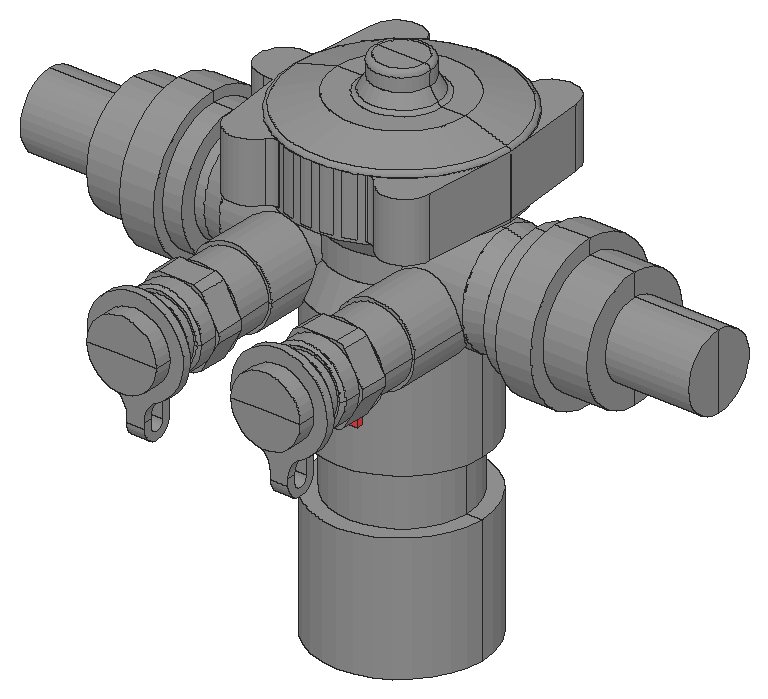
Revit family "Pressure independent control valve 4006_M_SMART_LF_MF", category Rohrzubehör, Revit 2018
Family settings
  Bemaßung runder Anschluss = Durchmesser verwenden
  Teiletyp = Unterbricht
  OmniClass-Nummer = 23.65.55.14
  OmniClass-Titel = Valves for Liquid Services
  Arbeitsebenenbasiert = Nein
  Immer vertikal = Ja
  Beim Laden mit Abzugskörper schneiden = Nein
  Gemeinsam genutzt = Nein
Parameters (values of type "MF")
  min. Operating temperature (frost protection) = -20 °C  # constant formula
  min. Operating temperature (pure water) = 2 °C  # constant formula
  max. Operating temperature up to DN32 = 130 °C  # constant formula
  max. Operating pressure = 1600000.0 Pa  # constant formula
  max. Operating temperature from DN40 = 110 °C  # constant formula
  S09 = 10.000 mm
  S08 = 30.000 mm
  Medium = "water purity in accordance with the ÖNORM H5195 and VDI 2035 standards\r\nthe use of ethylene and propylene glycol in a mixture ratio of 25 - 50% by volume [%] is permitted."
  VRL01 = 30.000 mm  # constant formula
  V12 = 17.000 mm  # constant formula
  V10 = 7.000 mm  # constant formula
  V09 [instance] = L06 + 4.000 mm  # 11.000 mm
  V04 [instance] = V08 + 3.000 mm  # 13.000 mm
  V03 [instance] = V08 + 5.000 mm  # 15.000 mm
  V02 [instance] = V01 + 4.500 mm  # 12.000 mm
  V01 [instance] = Nennweite / 2  # 7.500 mm
  URL = "http://www.herzvalves.com/"
  Pin = "stainless steel 14301"  # constant formula
  SCRNSEQ = "ARM;ARM_TYP=\"DURR\";2"
  SCRNCODE = "05;04;02"  # constant formula
  S07 [instance] = H03 + 3.700 mm  # 10.051 mm
  S04 [instance] = V03 * 2  # 30.000 mm
  S01 [instance] = L01 + L02 + VRL01 * 2  # 135.000 mm
  R17 [instance] = size_lookup("4006M_S_LF_MF", "R17", 12.500 mm, Nennweite)  # 12.500 mm
  R16 [instance] = size_lookup("4006M_S_LF_MF", "R16", 16.500 mm, Nennweite)  # 16.500 mm
  R15 = 7.225 mm  # constant formula
  R14 = 8.070 mm  # constant formula
  R13 = 3.496 mm  # constant formula
  R12 = 6.800 mm  # constant formula
  R11 = 9.620 mm  # constant formula
  R10 = 6.800 mm  # constant formula
  R09 = 16.292 mm  # constant formula
  R08 = 13.212 mm  # constant formula
  R07 = 18.816 mm  # constant formula
  R06 = 22.000 mm  # constant formula
  R05 = 12.954 mm  # constant formula
  R04 = 7.193 mm  # constant formula
  R03 = 5.755 mm  # constant formula
  R02 = 4.670 mm  # constant formula
  R01 [instance] = size_lookup("4006M_S_LF_MF", "R01", 11.000 mm, Nennweite)  # 11.000 mm
  PN = 16  # constant formula
  O-Rings = "EPDM"  # constant formula
  V08 [instance] = size_lookup("4006M_S_LF_MF", "N2", 10.000 mm, Nennweite)  # 10.000 mm
  Nennweite/2 [instance] = size_lookup("4006M_S_LF_MF", "N1", 8.000 mm, Nennweite)  # 9.000 mm
  Nennweite [instance] = 15.000 mm
  Membrane housing = "brass CW602N"  # constant formula
  Membrane = "EPDM"  # constant formula
  MF [instance] = yes
  Lift = 4.000 mm  # constant formula
  LF [instance] = no
  L15 [instance] = size_lookup("4006M_S_LF_MF", "L15", 3.300 mm, Nennweite)  # 3.300 mm
  L14 [instance] = size_lookup("4006M_S_LF_MF", "L14", 43.477 mm, Nennweite)  # 43.477 mm
  L13 [instance] = size_lookup("4006M_S_LF_MF", "L13", 32.232 mm, Nennweite)  # 32.232 mm
  L12 [instance] = size_lookup("4006M_S_LF_MF", "L12", 6.497 mm, Nennweite)  # 6.497 mm
  L11 [instance] = size_lookup("4006M_S_LF_MF", "L11", 5.418 mm, Nennweite)  # 5.418 mm
  L10 [instance] = size_lookup("4006M_S_LF_MF", "L10", 12.434 mm, Nennweite)  # 12.434 mm
  L09 [instance] = size_lookup("4006M_S_LF_MF", "L09", 24.943 mm, Nennweite)  # 24.943 mm
  L08 [instance] = size_lookup("4006M_S_LF_MF", "L08", 28.260 mm, Nennweite)  # 28.260 mm
  L07 [instance] = size_lookup("4006M_S_LF_MF", "L07", 33.915 mm, Nennweite)  # 33.915 mm
  L06 = 7.000 mm  # constant formula
  L05 = 9.000 mm  # constant formula
  L04 = 21.000 mm  # constant formula
  L03 = 28.000 mm  # constant formula
  L02 = 34.000 mm  # constant formula
  L01 = 41.000 mm  # constant formula
  Capillary pipe = "copper Cu-DHP (CW024A)"  # constant formula
  Hersteller = "Herz-Armaturen GmbH"  # constant formula
  H04 = 12.000 mm  # constant formula
  H03 = 6.351 mm  # constant formula
  H02 [instance] = size_lookup("4006M_S_LF_MF", "H2", 69.000 mm, Nennweite)  # 69.000 mm
  H01 [instance] = size_lookup("4006M_S_LF_MF", "H1", 35.000 mm, Nennweite)  # 35.000 mm
  H [instance] = 112.553 mm  # constant formula
  Housing = "DZR brass CC770S"  # constant formula
  E20 = 108.221 mm  # constant formula
  E19 = 5.000 mm  # constant formula
  E18 = 5.150 mm  # constant formula
  E17 = 28.850 mm  # constant formula
  E16 = 23.700 mm  # constant formula
  E15 = 21.877 mm  # constant formula
  E14 = 20.506 mm  # constant formula
  E13 = 11.063 mm  # constant formula
  E12 = 9.001 mm  # constant formula
  E11 = 10.700 mm  # constant formula
  E10 = 20.427 mm  # constant formula
  E09 = 20.075 mm  # constant formula
  E08 = 20.825 mm  # constant formula
  E07 = 5.150 mm  # constant formula
  E06 = 17.921 mm  # constant formula
  E05 = 20.519 mm  # constant formula
  E04 = 19.704 mm  # constant formula
  E03 = 18.385 mm  # constant formula
  E02 = 20.014 mm  # constant formula
  E01 = 23.000 mm  # constant formula
  Spring = "spring steel"  # constant formula
  Bestellnummer Verschraubung [instance] = if(and(LF, Nennweite = 15.000 mm), 1621011, if(and(MF, Nennweite = 15.000 mm), 1621002, 0))  # 1621002
  Bestellnummer [instance] = if(and(LF, Nennweite = 15.000 mm), 1400620, if(and(MF, Nennweite = 15.000 mm), 1400629, 0))  # 1400629
  Protective cap = "plastic"  # constant formula
  B09 = 7.998 mm  # constant formula
  B08 = 23.556 mm  # constant formula
  B07 = 30.908 mm  # constant formula
  B06 = 39.471 mm  # constant formula
  B05 = 40.933 mm  # constant formula
  B04 = 41.901 mm  # constant formula
  B03 = 44.372 mm  # constant formula
  B02 = 45.400 mm  # constant formula
  B01 = 50.000 mm  # constant formula
  Application = "the Pressure Independent Balancing Control Valve (PIBCV) is used in all heating and cooling systems with circulation pumps.\r\nthe valve automatically maintains flow to the required part of the system at the set rate by measuring and immediately adjusting to any variation in pressure.\r\nno additional measurements are necessary and the correct flow rate is achieved at all operating conditions.\r\nthe diaphragm responds to the pressure upstream and downstream of the regulating valve (via an internal impulse line).\r\nthe valve settings directly affect the volumetric flow through the valve.\r\nit is thus possible to set the maximum flow rate based on the flow chart when the valve is fitted.\r\nthis allows for the balancing of heating circuits, cooling water systems, ceiling cooling and heating panels, air heaters, etc. without any need to first assess the pressure variations in the system.\r\nthe valve‘s principal application is as a control valve for terminal units."
Types (3, lengths in mm): name | MF | LF | Bestellnummer Verschraubung | Bestellnummer
  (no name) | yes | no | 1621002 | 1400629
  LF | no | yes | 1621011 | 1400620
  MF | yes | no | 1621002 | 1400629
Reference planes
  plane 1 "Mitte (Vorne/hinten)": y = 0
  plane 2: z = 0
  plane 3 "Mitte (Links/rechts)": x = 0
Forms (mm)
  Revolve 1, solid, material "Messing, weicher Gelbton, geschweißt", detail levels fine
    sketch origin (0, 0, 0) x (1, 0, 0) y (0, 0, 1)
      loop
        line (-41, 9) -> (-34, 9) -> (-34, 0) -> (27, 0) -> (27, 9) -> (34, 9) -> (34, 10) -> (25, 10) -> (21, 11) -> (-28, 11) -> (-32, 10) -> (-41, 10) -> (-41, 9)
      axis (-41, 0) -> (34, 0)
    angle from 0 to 360
  Revolve 2, solid, material "Messing, weicher Gelbton, geschweißt", detail levels fine
    sketch origin (0, 0, 0) x (1, 0, 0) y (0, 0, 1)
      loop
        line (0, -69) -> (16.292, -69) -> (16.292, -43.477) -> (13.212, -43.477) -> (13.212, -32.232) -> (16.292, -32.232) -> (16.292, -6.497) -> (13.212, 0.106) -> (13.212, 5.418) -> (18.816, 12.434) -> (22, 12.434) -> (22, 24.943)
        arc (22, 24.943) -> (21.752, 25.523) -> (21.223, 25.866) r 1.085
        line (21.223, 25.866) -> (12.954, 28.26) -> (8.134, 28.26)
        arc (8.134, 28.26) -> (7.591, 28.406) -> (7.193, 28.803) r 1.086
        line (7.193, 28.803) -> (5.755, 31.294) -> (5.755, 33.915)
        arc (5.755, 33.915) -> (5.437, 34.682) -> (4.67, 35) r 1.085
        line (4.67, 35) -> (0, 35) -> (0, -69)
      axis (0, 35) -> (0, -69)
    angle from 0 to 360
  Extrusion 3, solid, material "Messing, weicher Gelbton, geschweißt", detail levels fine
    sketch origin (0, 0, 28.917) x (1, 0, 0) y (0, 1, 0)
      loop
        arc (-20.506, 17.921) -> (-21.381, 11.556) -> (-21.877, 5.15) r 108.259
        line (-21.877, 5.15) -> (-23.7, 5.15)
        arc (-23.7, 5.15) -> (-27.342, 3.642) -> (-28.85, 0) r 5.15
        arc (-28.85, 0) -> (-27.342, -3.642) -> (-23.7, -5.15) r 5.15
        line (-23.7, -5.15) -> (-21.877, -5.15)
        arc (-21.877, -5.15) -> (-21.356, -11.79) -> (-20.427, -18.385) r 108.259
        arc (-20.427, -18.385) -> (-16.688, -23.223) -> (-11.063, -20.825) r 5
        arc (-11.063, -20.825) -> (-10.143, -20.146) -> (-9.001, -20.075) r 2.019
        arc (-9.001, -20.075) -> (0, -22.001) -> (9.001, -20.075) r 22.001
        arc (9.001, -20.075) -> (10.143, -20.145) -> (11.063, -20.825) r 2.019
        arc (11.063, -20.825) -> (16.688, -23.223) -> (20.427, -18.385) r 5
        arc (20.427, -18.385) -> (22, 0) -> (20.427, 18.385) r 108.221
        arc (20.427, 18.385) -> (16.253, 23.316) -> (10.7, 20.014) r 5
        arc (10.7, 20.014) -> (9.88, 19.699) -> (9.001, 19.704) r 2.379
        arc (9.001, 19.704) -> (0, 21.663) -> (-9.001, 19.704) r 21.663
        arc (-9.001, 19.704) -> (-10.161, 19.785) -> (-11.063, 20.519) r 1.927
        arc (-11.063, 20.519) -> (-16.774, 22.818) -> (-20.506, 17.921) r 5.079
    from -15.973 to -3.973
  Revolve 4, solid, material "Messing, weicher Gelbton, geschweißt", detail levels fine
    sketch origin (0, 0, -3.3) x (1, 0, 0) y (0, 1, 0)
      loop
        line (-24.57, -7.998) -> (-24.57, -22.322) -> (-16.5, -22.322) -> (-16.5, -7.998) -> (-24.57, -7.998)
      axis (-16.5, -7.998) -> (-16.5, -22.322)
    angle from 0 to 360
  Revolve 5, solid, material "Messing, weicher Gelbton, geschweißt", detail levels fine
    sketch origin (-4, 0, -3.3) x (-1, 0, 0) y (0, -1, 0)
      loop
        line (-24.57, 7.998) -> (-16.5, 7.998) -> (-16.5, 22.322) -> (-24.57, 22.322) -> (-24.57, 7.998)
      axis (-16.5, 22.322) -> (-16.5, 7.998)
    angle from 0 to 360
  Revolve 6, solid, material "Messing, weicher Gelbton, geschweißt"
    sketch origin (0, 0, 0) x (1, 0, 0) y (0, 0, 1)
      loop
        line (34, 0) -> (64, 0) -> (64, 7.5) -> (47, 7.5) -> (47, 12) -> (38, 12) -> (38, 15) -> (31, 15) -> (31, 13) -> (27, 13) -> (27, 10) -> (34, 10) -> (34, 0)
      axis (27, 0) -> (64, 0)
    angle from 0 to 360
  Revolve 7, solid, material "Messing, weicher Gelbton, geschweißt", detail levels fine
    sketch origin (-7, 0, 0) x (-1, 0, 0) y (0, 0, -1)
      loop
        line (34, 0) -> (34, -10) -> (27, -10) -> (27, -13) -> (31, -13) -> (31, -15) -> (38, -15) -> (38, -12) -> (47, -12) -> (47, -7.5) -> (64, -7.5) -> (64, 0) -> (34, 0)
      axis (27, 0) -> (64, 0)
    angle from 0 to 360
Lines and regions (mm)
  model lines, detail levels coarse+medium
    curve 1: line (67.5, -15, 0) -> (67.5, 15, 0)
    curve 2: line (67.5, 15, 0) -> (-67.5, -15, 0)
    curve 3: line (-67.5, -15, 0) -> (-67.5, 15, 0)
    curve 4: line (-67.5, 15, 0) -> (67.5, -15, 0)
    curve 5: line (-67.5, 14.673, 0) -> (0, -12.434, 0)
    curve 6: line (0, -12.434, 0) -> (67.5, 14.673, 0)
    curve 7: line (0, -12.434, 0) -> (0, -24.949, 0)
    curve 8: spline (-22, -29.974, 0) -> (-21.25, -28.674, 0) -> (-19.053, -27.462, 0) -> (-15.556, -26.421, 0) -> (-11, -25.622, 0) -> (-5.694, -25.12, 0) -> (0, -24.949, 0) -> (5.694, -25.12, 0) -> (11, -25.622, 0) -> (15.556, -26.421, 0) -> (19.053, -27.462, 0) -> (21.25, -28.674, 0) -> (22, -29.975, 0) -> (21.25, -31.275, 0) -> (19.053, -32.487, 0) -> (15.556, -33.528, 0) -> (11, -34.327, 0) -> (5.694, -34.829, 0) -> (0, -35, 0) -> (-5.694, -34.829, 0) -> (-11, -34.327, 0) -> (-15.556, -33.528, 0) -> (-19.053, -32.487, 0) -> (-21.25, -31.275, 0) -> (-22, -29.974, 0)
    curve 9: line (-67.5, 0, 15) -> (-67.5, 0, -15)
    curve 10: line (-67.5, 0, -15) -> (67.5, 0, 15)
    curve 11: line (67.5, 0, 15) -> (67.5, 0, -15)
    curve 12: line (67.5, 0, -15) -> (-67.5, 0, 15)
    curve 13: line (67.638, 0, -15.031) -> (0, 0, 12.434)
    curve 14: line (0, 0, 12.434) -> (-67.5, 0, -15)
    curve 15: line (0, 0, 12.434) -> (0, 0, 24.949)
    curve 16: spline (-22, 0, 29.975) -> (-21.25, 0, 31.275) -> (-19.053, 0, 32.487) -> (-15.556, 0, 33.528) -> (-11, 0, 34.327) -> (-5.694, 0, 34.829) -> (0, 0, 35) -> (5.694, 0, 34.829) -> (11, 0, 34.327) -> (15.556, 0, 33.528) -> (19.053, 0, 32.487) -> (21.25, 0, 31.275) -> (22, 0, 29.974) -> (21.25, 0, 28.674) -> (19.053, 0, 27.462) -> (15.556, 0, 26.421) -> (11, 0, 25.622) -> (5.694, 0, 25.12) -> (0, 0, 24.949) -> (-5.694, 0, 25.12) -> (-11, 0, 25.622) -> (-15.556, 0, 26.421) -> (-19.053, 0, 27.462) -> (-21.25, 0, 28.674) -> (-22, 0, 29.975)
  model lines
    curve 17: line (-67.5, 0, 15) -> (-77.5, 0, 15)
    curve 18: line (-77.5, 0, 15) -> (-67.5, 0, 0)
    curve 19: line (-67.5, 0, -15) -> (-77.5, 0, -15)
    curve 20: line (-77.5, 0, -15) -> (-67.5, 0, 0)
    curve 21: line (-67.5, 0, 0) -> (-97.5, 0, 0)
    curve 22: line (67.5, 0, 15) -> (77.5, 0, 15)
    curve 23: line (77.5, 0, 15) -> (67.5, 0, 0)
    curve 24: line (67.5, 0, -15) -> (77.5, 0, -15)
    curve 25: line (77.5, 0, -15) -> (67.5, 0, 0)
    curve 26: line (67.5, 0, 0) -> (97.5, 0, 0)
Dimensions and locks
  "H02": level to Revolve 2 sketch curve
  "L01": plane 3 "Mitte (Links/rechts)" to Revolve 1 sketch curve
  "V08": Revolve 1 sketch curve to Revolve 1 sketch curve  (x2)
  "Nennweite/2": Revolve 1 sketch curve to Revolve 1 sketch curve  (x2)
  "E01": plane 1 "Mitte (Vorne/hinten)" to Extrusion 3 sketch curve
  "L03": plane 3 "Mitte (Links/rechts)" to Revolve 1 sketch curve
  "L04": Revolve 1 sketch curve to plane 3 "Mitte (Links/rechts)"
  "L05": Revolve 1 sketch curve to Revolve 1 sketch curve  (x2)
  "L06": Revolve 1 sketch curve to Revolve 1 sketch curve  (x2)
  "L02": Revolve 1 sketch curve to plane 3 "Mitte (Links/rechts)"
  "H01": Revolve 2 sketch curve to level
  "R02": Revolve 2 sketch curve to Revolve 2 sketch curve
  "R03": Revolve 2 sketch curve to Revolve 2 sketch curve
  "R04": Revolve 2 sketch curve to Revolve 2 sketch curve
  "R05": Revolve 2 sketch curve to Revolve 2 sketch curve
  "R06": Revolve 2 sketch curve to Revolve 2 sketch curve
  "R07": Revolve 2 sketch curve to Revolve 2 sketch curve
  "R08": Revolve 2 sketch curve to Revolve 2 sketch curve  (x2)
  "R09": Revolve 2 sketch curve to Revolve 2 sketch curve  (x2)
  "L07": Revolve 2 sketch curve to plane 2
  "L08": Revolve 2 sketch curve to plane 2
  "L09": Revolve 2 sketch curve to plane 2
  "L10": Revolve 2 sketch curve to plane 2
  "L11": Revolve 2 sketch curve to plane 2
  "L12": plane 2 to Revolve 2 sketch curve
  "L13": plane 2 to Revolve 2 sketch curve
  "L14": plane 2 to Revolve 2 sketch curve
  "B09": Revolve 4 sketch curve to plane 1 "Mitte (Vorne/hinten)"
  "R14": Revolve 4 sketch curve to Revolve 4 sketch curve
  "R14": Revolve 5 sketch curve to Revolve 5 sketch curve
  "B09": plane 1 "Mitte (Vorne/hinten)" to Revolve 5 sketch curve
  "R17": plane 3 "Mitte (Links/rechts)" to Revolve 5 sketch curve
  "E02": plane 1 "Mitte (Vorne/hinten)" to Extrusion 3 sketch curve
  "E03": plane 1 "Mitte (Vorne/hinten)" to Extrusion 3 sketch curve
  "E04": plane 1 "Mitte (Vorne/hinten)" to Extrusion 3 sketch curve  (x2)
  "E05": plane 1 "Mitte (Vorne/hinten)" to Extrusion 3 sketch curve
  "E06": plane 1 "Mitte (Vorne/hinten)" to Extrusion 3 sketch curve
  "E07": plane 1 "Mitte (Vorne/hinten)" to Extrusion 3 sketch curve  (x2)
  "E03": Extrusion 3 sketch curve to plane 1 "Mitte (Vorne/hinten)"  (x2)
  "E08": Extrusion 3 sketch curve to plane 1 "Mitte (Vorne/hinten)"  (x2)
  "E09": Extrusion 3 sketch curve to plane 1 "Mitte (Vorne/hinten)"  (x2)
  "E07": Extrusion 3 sketch curve to plane 1 "Mitte (Vorne/hinten)"
  "E10": plane 3 "Mitte (Links/rechts)" to Extrusion 3 sketch curve  (x2)
  "E11": plane 3 "Mitte (Links/rechts)" to Extrusion 3 sketch curve
  "E12": plane 3 "Mitte (Links/rechts)" to Extrusion 3 sketch curve  (x2)
  "E12": Extrusion 3 sketch curve to plane 3 "Mitte (Links/rechts)"  (x2)
  "E13": Extrusion 3 sketch curve to plane 3 "Mitte (Links/rechts)"  (x2)
  "E14": Extrusion 3 sketch curve to plane 3 "Mitte (Links/rechts)"
  "E15": Extrusion 3 sketch curve to plane 3 "Mitte (Links/rechts)"  (x2)
  "E16": Extrusion 3 sketch curve to plane 3 "Mitte (Links/rechts)"  (x2)
  "E17": Extrusion 3 sketch curve to plane 3 "Mitte (Links/rechts)"
  "E10": Extrusion 3 sketch curve to plane 3 "Mitte (Links/rechts)"
  "E13": plane 3 "Mitte (Links/rechts)" to Extrusion 3 sketch curve
  "H03": Revolve 2 to Extrusion 3
  "R16": Revolve 4 sketch curve to plane 3 "Mitte (Links/rechts)"
  "H04": Extrusion 3 to Extrusion 3
  "R01": Revolve 1 sketch curve to Revolve 1 sketch curve
  "L06": Revolve 6 sketch curve to Revolve 6 sketch curve
  "V09": Revolve 6 sketch curve to Revolve 6 sketch curve
  "V10": Revolve 6 sketch curve to Revolve 6 sketch curve
  "V12": Revolve 6 sketch curve to Revolve 6 sketch curve
  "V01": Revolve 6 sketch curve to plane 2
  "V02": Revolve 6 sketch curve to plane 2
  "V08": Revolve 6 sketch curve to plane 2
  "V04": Revolve 6 sketch curve to plane 2
  "V03": Revolve 6 sketch curve to plane 2
  "L02": Revolve 6 sketch curve to plane 3 "Mitte (Links/rechts)"
  "L06": Revolve 7 sketch curve to Revolve 7 sketch curve
  "V09": Revolve 7 sketch curve to Revolve 7 sketch curve
  "V10": Revolve 7 sketch curve to Revolve 7 sketch curve
  "V12": Revolve 7 sketch curve to Revolve 7 sketch curve
  "V01": Revolve 7 sketch curve to plane 2
  "V02": Revolve 7 sketch curve to plane 2
  "V03": Revolve 7 sketch curve to plane 2
  "V04": Revolve 7 sketch curve to plane 2
  "V08": Revolve 7 sketch curve to plane 2
  "L01": plane 3 "Mitte (Links/rechts)" to Revolve 7 sketch curve
  "S04": curve 3 to curve 4
  "S04": curve 4 to curve 2
  "S01": curve 3 to curve 1
  equal spacing: curve 3, plane 3 "Mitte (Links/rechts)", curve 1
  equal spacing: curve 3, plane 1 "Mitte (Vorne/hinten)", curve 4
  equal spacing: curve 4, plane 1 "Mitte (Vorne/hinten)", curve 2
  "R06": curve 8 to plane 3 "Mitte (Links/rechts)" to curve 8
  "S07": curve 8 to curve 8
  "H01": curve 8 to plane 1 "Mitte (Vorne/hinten)"
  "L10": curve 7 to plane 1 "Mitte (Vorne/hinten)"
  "S01": curve 9 to curve 11
  "R06": curve 16 to plane 3 "Mitte (Links/rechts)" to curve 16
  "S07": curve 16 to curve 16
  "H01": curve 16 to plane 2
  "L10": curve 15 to plane 2
  equal spacing: curve 9, plane 3 "Mitte (Links/rechts)", curve 11
  "S04": curve 12 to curve 10
  "S04": curve 11 to curve 12
  equal spacing: curve 12, plane 2, curve 14
  equal spacing: curve 11, plane 2, curve 12
  "VRL01": Revolve 7 sketch curve to Revolve 7 sketch curve
  "VRL01": Revolve 6 sketch curve to Revolve 6 sketch curve
  "S09": curve 18 to curve 9
  "S09": curve 20 to curve 9
  "S08": curve 21 to curve 9
  "V03": curve 17 to plane 2 to curve 19
  "S09": curve 11 to curve 23
  "S09": curve 11 to curve 24
  "S08": curve 11 to curve 26
  "V03": curve 22 to plane 2 to curve 24
  "L15": plane 2 to Revolve 4
  "L15": plane 2 to Revolve 5
  "L15": plane 2 to nested 2
  "L15": plane 2 to nested 3
  "E18": radius of Extrusion 3 sketch curve  (x2)
  "E19": radius of Extrusion 3 sketch curve  (x3)
  "E20": radius of Extrusion 3 sketch curve
  aligned and locked: level to plane 2
Automatic sketch dimensions
  curve 18 to level = 0.000 mm
  curve 26 to level = 0.000 mm
  curve 17 to curve 18 = 10.000 mm
  curve 26 to curve 22 = 10.000 mm
  curve 17 to curve 17 = 10.000 mm
  curve 19 to curve 19 = 10.000 mm
  curve 22 to curve 22 = 10.000 mm
  curve 24 to curve 24 = 10.000 mm
  curve 6 to plane 3 "Mitte (Links/rechts)" = 0.000 mm
  curve 6 to curve 1 = 0.327 mm
  curve 5 to curve 3 = 0.327 mm
  Revolve 1 sketch curve to level = 0.000 mm  (x2)
  Revolve 1 sketch curve to Revolve 1 sketch curve = 1307.458 mm
  Revolve 1 sketch curve to Revolve 1 sketch curve = 1854.450 mm
  Revolve 2 sketch curve to plane 3 "Mitte (Links/rechts)" = 0.000 mm  (x2)
  Revolve 2 sketch curve to Revolve 2 sketch curve = 0.941 mm
  Revolve 2 sketch curve to Revolve 2 sketch curve = 1.078 mm
  Revolve 2 sketch curve to Revolve 2 sketch curve = 0.302 mm
  level to Revolve 2 sketch curve = 0.106 mm
  Revolve 2 sketch curve to Revolve 2 sketch curve = 0.119 mm
  Revolve 2 sketch curve to Revolve 2 sketch curve = 0.543 mm
  Revolve 2 sketch curve to Revolve 2 sketch curve = 2.621 mm
  Revolve 2 sketch curve to Revolve 2 sketch curve = 297.045 mm
  Revolve 2 sketch curve to Revolve 2 sketch curve = 2179.315 mm
  Extrusion 3 sketch curve to Extrusion 3 sketch curve = 0.000 mm  (x4)
  plane 1 "Mitte (Vorne/hinten)" to Extrusion 3 sketch curve = 0.000 mm
  Extrusion 3 sketch curve to Extrusion 3 sketch curve = 1.610 mm  (x2)
  Extrusion 3 sketch curve to Extrusion 3 sketch curve = 0.451 mm
  Extrusion 3 sketch curve to Extrusion 3 sketch curve = 0.452 mm
  Revolve 4 sketch curve to Revolve 4 sketch curve = 14.324 mm
  Revolve 4 sketch curve to Revolve 4 sketch curve = 0.000 mm  (x2)
  Revolve 4 sketch curve to Revolve 4 sketch curve = 27.678 mm
  Revolve 5 sketch curve to Revolve 5 sketch curve = 14.324 mm
  plane 3 "Mitte (Links/rechts)" to Revolve 5 sketch curve = 12.500 mm
  Revolve 5 sketch curve to Revolve 5 sketch curve = 0.000 mm
  Revolve 5 sketch curve to Revolve 5 sketch curve = 27.678 mm
  Revolve 6 sketch curve to level = 0.000 mm  (x2)
  Revolve 6 sketch curve to Revolve 6 sketch curve = 0.000 mm  (x2)
  Revolve 7 sketch curve to level = 0.000 mm  (x2)
  Revolve 7 sketch curve to Revolve 7 sketch curve = 0.000 mm  (x2)
  curve 14 to plane 3 "Mitte (Links/rechts)" = 0.000 mm
  curve 9 to level = 15.000 mm
  curve 13 to level = 15.031 mm
Nested families
  nested 1: "Herz-Logo-vorne" at (0, -16.056, -19.148) x (0, 1, 0) z (0, 0, 1), type "Herz-Logo-vorne"
  nested 2: "Messstutzen_Band_Eintritt" at (-16.5, -13.322, -3.3), type "Messstutzen_Band_Eintritt"
    with Schutzkappe yes, Nennweite 0.000 mm, Gewicht 0.00 kg, Bestellnummer 0
  nested 3: "Messstutzen_Band_Austritt" at (12.5, -13.322, -3.3), type "Messstutzen_Band_Austritt"
    with Schutzkappe yes, Nennweite 0.000 mm, Gewicht 0.00 kg, Bestellnummer 0
Connectors
  piping at (64, 0, 0), diameter 15, driven by "Nennweite"
    settings: on Revolve 6, index 1, connector inside diameter 609.6 mm, connector length 0.000 mm, flow factor 0, pipe flow 0.0 L/s, pressure drop 0.0 Pa, fitting loss kfactor 0, connector angle 0.00°, fixture units 0, engagement length 0.000 mm, angle of deflection 0.00°, flow configuration 0, flow direction 2, fitting loss method 0, system type 29, joint type 0, gender type 0, connector reference index -1, connector utility 0, adjustable connector no, is connector primary yes, connector description ""
  piping at (-71, 0, 0), diameter 15, driven by "Nennweite"
    settings: on Revolve 7, index 2, connector inside diameter 609.6 mm, connector length 0.000 mm, flow factor 0, pipe flow 0.0 L/s, pressure drop 0.0 Pa, fitting loss kfactor 0, connector angle 0.00°, fixture units 0, engagement length 0.000 mm, angle of deflection 0.00°, flow configuration 0, flow direction 1, fitting loss method 0, system type 29, joint type 0, gender type 0, connector reference index -1, connector utility 0, adjustable connector no, is connector primary no, connector description ""
Definition of nested family "Herz-Logo-vorne"
  Reference planes
    plane 1 "Mitte (Vorne/hinten)": y = 0
    plane 2: z = 0
    plane 3 "Mitte (Links/rechts)": x = 0
  Forms (mm)
    Extrusion 1, solid
      sketch origin (0.732, -0.018, 0.017) x (0, -1, 0) y (0, 0, 1)
        loop
          line (-0.018, -4.517) -> (4.482, -4.517) -> (4.482, 4.483) -> (-4.518, 4.483) -> (-4.518, -4.517) -> (-0.018, -4.517)
        loop
          line (-0.05, -3.48) -> (3.482, -3.48) -> (3.482, 3.483) -> (-3.518, 3.483) -> (-3.518, -3.48) -> (-0.05, -3.48)
        loop
          arc (-0.018, 2.383) -> (-1.543, 3.287) -> (-3.067, 2.383) r 1.738
          arc (-3.067, 2.383) -> (-3.191, 1.899) -> (-3.067, 1.415) r 1.009
          line (-3.067, 1.415) -> (-0.018, -3.281) -> (3.032, 1.415)
          arc (3.032, 1.415) -> (3.156, 1.899) -> (3.032, 2.383) r 1.009
          arc (3.032, 2.383) -> (1.507, 3.287) -> (-0.018, 2.383) r 1.738
        loop
          arc (1.885, 1.272) -> (2.005, 1.675) -> (1.885, 2.079) r 0.74
          arc (1.885, 2.079) -> (1.265, 2.416) -> (0.644, 2.079) r 0.74
          line (0.644, 2.079) -> (-0.018, 0.97) -> (-0.679, 2.079)
          arc (-0.679, 2.079) -> (-1.3, 2.416) -> (-1.921, 2.079) r 0.74
          arc (-1.921, 2.079) -> (-2.04, 1.675) -> (-1.921, 1.272) r 0.74
          line (-1.921, 1.272) -> (-0.018, -1.658) -> (1.885, 1.272)
      from 0 to 1.5
  Dimensions and locks
    aligned and locked: level to plane 2
Definition of nested family "Messstutzen_Band_Eintritt"
  Parameters (values of type "Messstutzen_Band_Eintritt")
    URL = "www.herz-armaturen.at"
    Schutzkappe [instance] = yes
    Nennweite [instance] = 0.000 mm
    Manufacturer = "Herz Armaturen GmbH"  # constant formula
    Gewicht [instance] = 0.00 kg
    Bestellnummer [instance] = 0
  Reference planes
    plane 1 "Mitte (Vorne/hinten)": y = 0
    plane 2: z = 0
    plane 3 "Mitte (Links/rechts)": x = 0
    plane 4 "Schlaufe 1": y = -27
    plane 5 "Schlaufe 2": y = -31.678
  Forms (mm)
    Revolve 1, solid, detail levels fine
      sketch origin (0, 0, 0) x (1, 0, 0) y (0, 1, 0)
        loop
          line (-7.4, -9) -> (-7.4, -16.5)
          arc (-7.4, -16.5) -> (-7.693, -17.207) -> (-8.4, -17.5) r 1
          line (-8.4, -17.5) -> (-2, -17.5) -> (-2, 0) -> (-5.555, 0) -> (-6.455, -0.9) -> (-6.455, -4.681) -> (-5.843, -5.293)
          arc (-5.843, -5.293) -> (-5.626, -5.617) -> (-5.55, -6) r 1
          line (-5.55, -6) -> (-5.55, -9) -> (-7.4, -9)
        loop
          line (-3.7, -27) -> (-3.7, -30.45) -> (-4.415, -30.863) -> (-4.415, -35.19) -> (-3.805, -35.8) -> (-2, -35.8) -> (-2, -23) -> (-7.9, -23) -> (-7.9, -26.4) -> (-7.3, -27) -> (-3.7, -27)
        axis (0, 0) -> (0, -35.8)
      angle from 0 to 360
    Extrusion 2, solid, detail levels fine
      sketch origin (0, -17.5, 0) x (-1, 0, 0) y (0, 0, -1)
        loop
          line (5.156, -7.07) -> (8.7, -0.93)
          arc (8.7, -0.93) -> (8.75, 0) -> (8.7, 0.93) r 8.75
          line (8.7, 0.93) -> (5.156, 7.07)
          arc (5.156, 7.07) -> (4.375, 7.578) -> (3.544, 8) r 8.75
          line (3.544, 8) -> (-3.544, 8)
          arc (-3.544, 8) -> (-4.375, 7.578) -> (-5.156, 7.07) r 8.75
          line (-5.156, 7.07) -> (-8.7, 0.93)
          arc (-8.7, 0.93) -> (-8.75, 0) -> (-8.7, -0.93) r 8.75
          line (-8.7, -0.93) -> (-5.156, -7.07)
          arc (-5.156, -7.07) -> (-4.375, -7.578) -> (-3.544, -8) r 8.75
          line (-3.544, -8) -> (3.544, -8)
          arc (3.544, -8) -> (4.375, -7.578) -> (5.156, -7.07) r 8.75
      from 0 to 5.5
    Revolve 3, solid, visible <- "Schutzkappe", detail levels fine
      sketch origin (0, 0, 0) x (1, 0, 0) y (0, 1, 0)
        loop
          line (0, -35.878) -> (-3.805, -35.878) -> (-4.415, -35.268) -> (-4.415, -30.178) -> (-6.9, -30.178) -> (-6.9, -31.678) -> (-6.1, -31.678) -> (-6.1, -33.378) -> (-7, -33.378) -> (-7, -36.678) -> (0, -36.678) -> (0, -35.878)
        axis (0, -30.178) -> (0, -36.678)
      angle from 0 to 360
    Extrusion 4, solid, detail levels fine
      sketch origin (0, -27, 0) x (0, 0, -1) y (-1, 0, 0)
        loop
          circle (0, 0) r 3.7
        loop
          arc (5.505, 3.906) -> (-6.75, 0) -> (5.505, -3.906) r 6.75
          arc (5.505, -3.906) -> (7.288, -2.358) -> (9.582, -1.8) r 5
          line (9.582, -1.8) -> (9.582, 1.8)
          arc (9.582, 1.8) -> (7.288, 2.358) -> (5.505, 3.906) r 5
      from 0 to -1.5
    Extrusion 5, solid, detail levels fine
      sketch origin (0, -31.678, 0) x (0, 0, -1) y (-1, 0, 0)
        loop
          circle (0, 0) r 6.1
        loop
          arc (8.652, 4.495) -> (-9.75, 0) -> (8.652, -4.495) r 9.75
          arc (8.652, -4.495) -> (10.493, -2.527) -> (13.089, -1.8) r 5
          line (13.089, -1.8) -> (13.089, 1.8)
          arc (13.089, 1.8) -> (10.493, 2.527) -> (8.652, 4.495) r 5
      from 0 to -1.5
    Sweep 6, solid, detail levels fine
      path origin (0, 0, 0) x (0, 1, 0) y (0, 0, 1)
        loop
          line (-27.75, -9.582) -> (-27.75, -14.522)
          arc (-27.75, -14.522) -> (-30.089, -16.862) -> (-32.428, -14.522) r 2.339
          line (-32.428, -14.522) -> (-32.428, -13.089)
      profile origin (0, -27.75, -12.052) x (1, 0, 0) y (0, 1, 0)
        loop
          line (-1.8, 0.75) -> (-1.8, -0.75) -> (1.8, -0.75) -> (1.8, 0.75) -> (-1.8, 0.75)
  Cuts and joins
    joined: Extrusion 4, Extrusion 5, Sweep 6
  Dimensions and locks
    aligned and locked: level to plane 2
Definition of nested family "Messstutzen_Band_Austritt"
  Parameters (values of type "Messstutzen_Band_Austritt")
    URL = "www.herz-armaturen.at"
    Schutzkappe [instance] = yes
    Nennweite [instance] = 0.000 mm
    Manufacturer = "Herz Armaturen GmbH"  # constant formula
    Gewicht [instance] = 0.00 kg
    Bestellnummer [instance] = 0
  Reference planes
    plane 1 "Mitte (Vorne/hinten)": y = 0
    plane 2: z = 0
    plane 3 "Mitte (Links/rechts)": x = 0
    plane 4 "Schlaufe 1": y = -27
    plane 5 "Schlaufe 2": y = -31.678
  Forms (mm)
    Revolve 1, solid, detail levels fine
      sketch origin (0, 0, 0) x (1, 0, 0) y (0, 1, 0)
        loop
          line (-7.4, -9) -> (-7.4, -16.5)
          arc (-7.4, -16.5) -> (-7.693, -17.207) -> (-8.4, -17.5) r 1
          line (-8.4, -17.5) -> (-2, -17.5) -> (-2, 0) -> (-5.555, 0) -> (-6.455, -0.9) -> (-6.455, -4.681) -> (-5.843, -5.293)
          arc (-5.843, -5.293) -> (-5.626, -5.617) -> (-5.55, -6) r 1
          line (-5.55, -6) -> (-5.55, -9) -> (-7.4, -9)
        loop
          line (-3.7, -27) -> (-3.7, -30.45) -> (-4.415, -30.863) -> (-4.415, -35.19) -> (-3.805, -35.8) -> (-2, -35.8) -> (-2, -23) -> (-7.9, -23) -> (-7.9, -26.4) -> (-7.3, -27) -> (-3.7, -27)
        axis (0, 0) -> (0, -35.8)
      angle from 0 to 360
    Extrusion 2, solid, detail levels fine
      sketch origin (0, -17.5, 0) x (-1, 0, 0) y (0, 0, -1)
        loop
          line (5.156, -7.07) -> (8.7, -0.93)
          arc (8.7, -0.93) -> (8.75, 0) -> (8.7, 0.93) r 8.75
          line (8.7, 0.93) -> (5.156, 7.07)
          arc (5.156, 7.07) -> (4.375, 7.578) -> (3.544, 8) r 8.75
          line (3.544, 8) -> (-3.544, 8)
          arc (-3.544, 8) -> (-4.375, 7.578) -> (-5.156, 7.07) r 8.75
          line (-5.156, 7.07) -> (-8.7, 0.93)
          arc (-8.7, 0.93) -> (-8.75, 0) -> (-8.7, -0.93) r 8.75
          line (-8.7, -0.93) -> (-5.156, -7.07)
          arc (-5.156, -7.07) -> (-4.375, -7.578) -> (-3.544, -8) r 8.75
          line (-3.544, -8) -> (3.544, -8)
          arc (3.544, -8) -> (4.375, -7.578) -> (5.156, -7.07) r 8.75
      from 0 to 5.5
    Revolve 3, solid, visible <- "Schutzkappe", detail levels fine
      sketch origin (0, 0, 0) x (1, 0, 0) y (0, 1, 0)
        loop
          line (0, -35.878) -> (-3.805, -35.878) -> (-4.415, -35.268) -> (-4.415, -30.178) -> (-6.9, -30.178) -> (-6.9, -31.678) -> (-6.1, -31.678) -> (-6.1, -33.378) -> (-7, -33.378) -> (-7, -36.678) -> (0, -36.678) -> (0, -35.878)
        axis (0, -30.178) -> (0, -36.678)
      angle from 0 to 360
    Extrusion 4, solid, detail levels fine
      sketch origin (0, -27, 0) x (0, 0, -1) y (-1, 0, 0)
        loop
          circle (0, 0) r 3.7
        loop
          arc (5.505, 3.906) -> (-6.75, 0) -> (5.505, -3.906) r 6.75
          arc (5.505, -3.906) -> (7.288, -2.358) -> (9.582, -1.8) r 5
          line (9.582, -1.8) -> (9.582, 1.8)
          arc (9.582, 1.8) -> (7.288, 2.358) -> (5.505, 3.906) r 5
      from 0 to -1.5
    Extrusion 5, solid, detail levels fine
      sketch origin (0, -31.678, 0) x (0, 0, -1) y (-1, 0, 0)
        loop
          circle (0, 0) r 6.1
        loop
          arc (8.652, 4.495) -> (-9.75, 0) -> (8.652, -4.495) r 9.75
          arc (8.652, -4.495) -> (10.493, -2.527) -> (13.089, -1.8) r 5
          line (13.089, -1.8) -> (13.089, 1.8)
          arc (13.089, 1.8) -> (10.493, 2.527) -> (8.652, 4.495) r 5
      from 0 to -1.5
    Sweep 6, solid, detail levels fine
      path origin (0, 0, 0) x (0, 1, 0) y (0, 0, 1)
        loop
          line (-27.75, -9.582) -> (-27.75, -14.522)
          arc (-27.75, -14.522) -> (-30.089, -16.862) -> (-32.428, -14.522) r 2.339
          line (-32.428, -14.522) -> (-32.428, -13.089)
      profile origin (0, -27.75, -12.052) x (1, 0, 0) y (0, 1, 0)
        loop
          line (-1.8, 0.75) -> (-1.8, -0.75) -> (1.8, -0.75) -> (1.8, 0.75) -> (-1.8, 0.75)
  Cuts and joins
    joined: Extrusion 4, Extrusion 5, Sweep 6
  Dimensions and locks
    aligned and locked: level to plane 2
